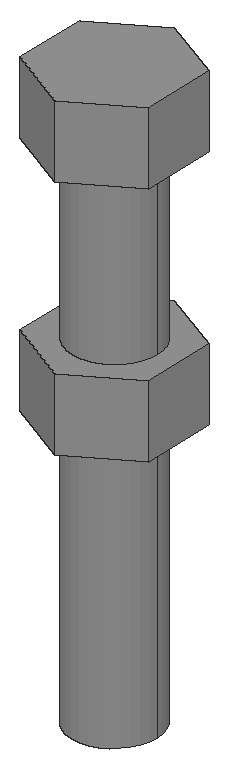
Revit family "050523 - Metal Fastenings - Lag Bolt or Thru Bolt", category Generic Models, Revit 2019
Family settings
  Can host rebar = No
  Round Connector Dimension = Use Diameter
  Part Type = Normal
  Work Plane-Based = Yes
  Always vertical = No
  Cut with Voids When Loaded = No
  Shared = No
  Room Calculation Point = No
Parameters (values of type "1/2" x 3"")
  Thickness_of_Substrate [instance] = 0' - 1"
  Side = Head Size * 0.57812  # 0' - 0 111/256"
  Radius = Diameter / 2  # 0' - 0 1/4"
  Nut_Visibility [instance] = yes
  Length = 0' - 3"
  Head Size = 0' - 0 3/4"
  Head Radius = Head Size / 2  # 0' - 0 3/8"
  Head Height = 0' - 0 27/64"
  Diameter = 0' - 0 1/2"
  Default Elevation = 4' - 0"
  Bolt Material (Size) [instance] = STRUCTURAL BOLTS (PAINT TO MATCH STEEL FINISH)
Types (21): name | Side | Radius | Length | Head Size | Head Radius | Head Height | Diameter | Bolt Material (Size)
  1/2" x 3" | 0' - 0 111/256" | 0' - 0 1/4" | 0' - 3" | 0' - 0 3/4" | 0' - 0 3/8" | 0' - 0 27/64" | 0' - 0 1/2" | STRUCTURAL BOLTS (PAINT TO MATCH STEEL FINISH)
  1/4" x 3" | 0' - 0.25293" | 0' - 0 1/8" | 0' - 3" | 0' - 0 7/16" | 0' - 0 7/32" | 0' - 0 11/64" | 0' - 0 1/4" | STRUCTURAL BOLTS (PAINT TO MATCH STEEL FINISH)
  5/16" x 3" | 0' - 0 37/128" | 0' - 0 5/32" | 0' - 3" | 0' - 0 1/2" | 0' - 0 1/4" | 0' - 0 7/32" | 0' - 0 5/16" | STRUCTURAL BOLTS (PAINT TO MATCH STEEL FINISH)
  3/8" x 3" | 0' - 0.3252" | 0' - 0 3/16" | 0' - 3" | 0' - 0 9/16" | 0' - 0 9/32" | 0' - 0 1/4" | 0' - 0 3/8" | STRUCTURAL BOLTS (PAINT TO MATCH STEEL FINISH)
  7/16" x 3" | 0' - 0.36133" | 0' - 0 7/32" | 0' - 3" | 0' - 0 5/8" | 0' - 0 5/16" | 0' - 0 19/64" | 0' - 0 7/16" | STRUCTURAL BOLTS (PAINT TO MATCH STEEL FINISH)
  5/8" x 3" | 0' - 0.54199" | 0' - 0 5/16" | 0' - 3" | 0' - 0 15/16" | 0' - 0 15/32" | 0' - 0 27/64" | 0' - 0 5/8" | STRUCTURAL BOLTS (PAINT TO MATCH STEEL FINISH)
  1/2" x 2 1/2" | 0' - 0 111/256" | 0' - 0 1/4" | 0' - 2 1/2" | 0' - 0 3/4" | 0' - 0 3/8" | 0' - 0 11/32" | 0' - 0 1/2" | STRUCTURAL BOLTS (PAINT TO MATCH STEEL FINISH)
  3/4" x 2" | 0' - 0.65039" | 0' - 0 3/8" | 0' - 2" | 0' - 1 1/8" | 0' - 0 9/16" | 0' - 0 1/2" | 0' - 0 3/4" | STRUCTURAL BOLTS (PAINT TO MATCH STEEL FINISH)
  3/8" x 1" | 0' - 0.3252" | 0' - 0 3/16" | 0' - 1" | 0' - 0 9/16" | 0' - 0 9/32" | 0' - 0 1/4" | 0' - 0 3/8" | STRUCTURAL BOLTS (PAINT TO MATCH STEEL FINISH)
  1/2" x 4" | 0' - 0 111/256" | 0' - 0 1/4" | 0' - 4" | 0' - 0 3/4" | 0' - 0 3/8" | 0' - 0 1/2" | 0' - 0 1/2" | 1" GALV. LAG BOLT (LENGTH = 1/2" SHY OF GLULAM DEPTH) -  (GALV. THRU BOLT IF PLATE ON OPP. SIDE OF STRUCT MEMBER)
  1/2" x 2" | 0' - 0 111/256" | 0' - 0 1/4" | 0' - 2" | 0' - 0 3/4" | 0' - 0 3/8" | 0' - 0 1/2" | 0' - 0 1/2" | 1" GALV. LAG BOLT (LENGTH = 1/2" SHY OF GLULAM DEPTH) -  (GALV. THRU BOLT IF PLATE ON OPP. SIDE OF STRUCT MEMBER)
  ONE | 0' - 0 111/128" | 0' - 0 1/2" | 0' - 3" | 0' - 1 1/2" | 0' - 0 3/4" | 0' - 0 151/256" | 0' - 1" | 1" GALV. LAG BOLT (LENGTH = 1/2" SHY OF GLULAM DEPTH) -  (GALV. THRU BOLT IF PLATE ON OPP. SIDE OF STRUCT MEMBER)
  3/4" x 4" | 0' - 0.65039" | 0' - 0 3/8" | 0' - 3" | 0' - 1 1/8" | 0' - 0 9/16" | 0' - 0 1/2" | 0' - 0 3/4" | 3/4" LAG BOLT (THRU BOLT IF PLATE ON OPP. SIDE OF STRUCT MEMBER)
  #10 | 0' - 0.1626" | 0' - 0.09961" | 0' - 4" | 0' - 0 9/32" | 0' - 0 9/64" | 0' - 0 1/8" | 0' - 0 51/256" | 5/8" GALV. ANCHOR BOLT @ 24" O.C. (6" MIN. EMBEDMENT)
  1/4" | 0' - 0.25293" | 0' - 0 1/8" | 0' - 4" | 0' - 0 7/16" | 0' - 0 7/32" | 0' - 0 11/64" | 0' - 0 1/4" | 5/8" GALV. ANCHOR BOLT @ 24" O.C. (6" MIN. EMBEDMENT)
  1" | 0' - 0 111/128" | 0' - 0 1/2" | 0' - 4" | 0' - 1 1/2" | 0' - 0 3/4" | 0' - 0 43/64" | 0' - 1" | 5/8" GALV. ANCHOR BOLT @ 24" O.C. (6" MIN. EMBEDMENT)
  7/8" | 0' - 0.75879" | 0' - 0 7/16" | 0' - 4" | 0' - 1 5/16" | 0' - 0 21/32" | 0' - 0 37/64" | 0' - 0 7/8" | 5/8" GALV. ANCHOR BOLT @ 24" O.C. (6" MIN. EMBEDMENT)
  5/8" | 0' - 0.54199" | 0' - 0 5/16" | 0' - 10 1/2" | 0' - 0 15/16" | 0' - 0 15/32" | 0' - 0 27/64" | 0' - 0 5/8" | 5/8" GALV. ANCHOR BOLT @ 24" O.C. (6" MIN. EMBEDMENT)
  1/2" | 0' - 0 111/256" | 0' - 0 1/4" | 0' - 4" | 0' - 0 3/4" | 0' - 0 3/8" | 0' - 0 1/2" | 0' - 0 1/2" | 1/2" X 5" LAG BOLT (THRU BOLT IF PLATE ON OPP. SIDE OF STRUCT MEMBER)
  3/4" | 0' - 0.65039" | 0' - 0 3/8" | 0' - 7" | 0' - 1 1/8" | 0' - 0 9/16" | 0' - 0 1/2" | 0' - 0 3/4" | 5/8" GALV. ANCHOR BOLT @ 24" O.C. (6" MIN. EMBEDMENT)
  3/8" | 0' - 0.3252" | 0' - 0 3/16" | 0' - 4" | 0' - 0 9/16" | 0' - 0 9/32" | 0' - 0 1/4" | 0' - 0 3/8" | 3/8" X GALV LAG BOLT (HOLE 15/32")
Reference planes (in)
  plane 1 "Center (Front/Back)": y = 0
  plane 2: z = 0
  plane 3 "Center (Left/Right)": x = 0
  plane 4: z = 0.42187
  plane 5: z = -3
  plane 6: y = 0
  plane 7: x = 0
  plane 8: z = -1
Forms (in)
  Extrusion 1, solid, material "STRUCTURAL BOLTS (PAINT TO MATCH STEEL FINISH)" <- "Bolt Material (Size)"
    sketch origin (0, 0, 0) x (1, 0, 0) y (0, 1, 0)
      loop
        circle (0, 0) r 0.25
    from -3 to 0
Lines and regions (in)
  model lines, style "InvisibleLines"
    curve 1: line (0, -0.64952, 0.42188) -> (0, 0.64952, 0.42188)
    curve 2: line (0.375, 0, 0.42188) -> (-0.375, 0, 0.42188)
  symbolic lines, style "InvisibleLines"
    curve 3: line (0, 0, 0.42187) -> (0, 0, -3)
    curve 4: line (0, 0, 0.42187) -> (0, 0, -3)
Dimensions and locks (in)
  "Head Height": plane 4 to level
  "Length": level to plane 5
  "Thickness_of_Substrate": plane 2 to plane 8
  "Radius": radius of Extrusion 1 sketch curve
  aligned and locked: level to plane 2
  aligned and locked: Extrusion 1 to plane 5
  aligned and locked: plane 7 to curve 1
  aligned and locked: plane 6 to curve 2
  aligned and locked: plane 6 to curve 4
Automatic sketch dimensions
  curve 3 to plane 3 "Center (Left/Right)" = 0' - 0"
  curve 3 to plane 5 = 0' - 0"
  curve 3 to plane 4 = 0' - 0"
  curve 4 to plane 5 = 0' - 0"
  curve 4 to plane 4 = 0' - 0"
  curve 1 to curve 2 = 0' - 0.64952"
  curve 2 to curve 1 = 0' - 0.64952"
  curve 2 to nested 1 = 0' - 0"  (x2)
  plane 1 "Center (Front/Back)" to Extrusion 1 sketch curve = 0' - 0"
  Extrusion 1 sketch curve to plane 3 "Center (Left/Right)" = 0' - 0"
Nested families (in)
  nested 1: "Nut" at (0, 0, 0), Diameter <- "Diameter", Head Height <- "Head Height", Head Size <- "Head Size", Bolt Material (Size) <- "Bolt Material (Size)", type "one"
    with Side 0' - 0 111/256", Radius 0' - 0 1/4", Head Size 0' - 0 3/4", Head Radius 0' - 0 3/8", Head Height 0' - 0 27/64", Diameter 0' - 0 1/2", Bolt Material (Size) STRUCTURAL BOLTS (PAINT TO MATCH STEEL FINISH)
  nested 2: "Nut" at (0, 0, -1) x (1, 0, 0) z (0, 0, -1), Diameter <- "Diameter", Head Height <- "Head Height", Head Size <- "Head Size", visible <- "Nut_Visibility", type "one"
    with Side 0' - 0 111/256", Radius 0' - 0 1/4", Head Size 0' - 0 3/4", Head Radius 0' - 0 3/8", Head Height 0' - 0 27/64", Diameter 0' - 0 1/2", Bolt Material (Size) STRUCTURAL BOLTS (PAINT TO MATCH STEEL FINISH)
Definition of nested family "Nut"
  Parameters (values of type "one")
    Side [instance] = Head Size * 0.57812  # 0' - 0 111/256"
    Radius [instance] = Diameter / 2  # 0' - 0 1/4"
    Head Size [instance] = 0' - 0 3/4"
    Head Radius [instance] = Head Size / 2  # 0' - 0 3/8"
    Head Height [instance] = 0' - 0 11/32"
    Diameter [instance] = 0' - 0 1/2"
    Default Elevation = 4' - 0"
    Bolt Material (Size) [instance] = none
  Reference planes (in)
    plane 1 "Center (Front/Back)": y = 0
    plane 2: z = 0
    plane 3 "Center (Left/Right)": x = 0
    plane 4: z = 0.34375
    plane 5: y = 0
    plane 6: x = 0
  Forms (in)
    Extrusion 1, solid, material <- "Bolt Material (Size)"
      sketch origin (0, 0, 0) x (1, 0, 0) y (0, 1, 0)
        loop
          line (0, 0.43301) -> (-0.375, 0.21651) -> (-0.375, -0.21651) -> (0, -0.43301) -> (0.375, -0.21651) -> (0.375, 0.21651) -> (0, 0.43301)
      from 0 to 0.34375
  Lines and regions (in)
    symbolic lines
      curve 1: line (0, 0, 0.34375) -> (0, 0, -3)
  Dimensions and locks (in)
    "Head Height": plane 4 to level
    "Head Radius": Extrusion 1 sketch curve to plane 3 "Center (Left/Right)"
    "Head Radius": Extrusion 1 sketch curve to plane 6
    "Head Radius": Extrusion 1 sketch curve to plane 5  (x2)
    locked: Extrusion 1 sketch curve to Extrusion 1 sketch curve (angle 120.00°)  (x5)
    aligned and locked: level to plane 2
    aligned and locked: Extrusion 1 to plane 4
    aligned and locked: plane 5 to curve 1
  Automatic sketch dimensions
    curve 1 to plane 4 = 0' - 0"
    curve 1 to level = 0' - 3"
    Extrusion 1 sketch curve to plane 3 "Center (Left/Right)" = 0' - 0"  (x2)
